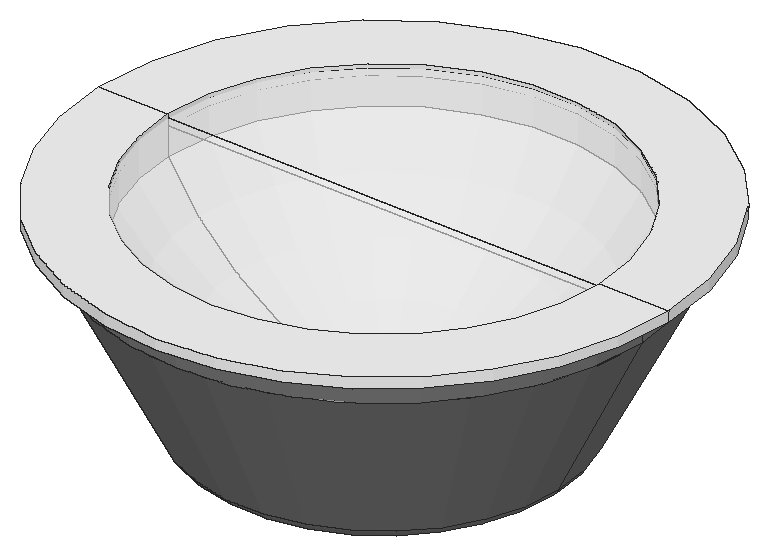
Revit family "30542", category Lighting Fixtures, host Face, Revit 2018
Family settings
  Host = Face
  Round Connector Dimension = Use Diameter
  Part Type = Normal
  OmniClass Number = 23.80.70.00
  OmniClass Title = Lighting
  Cut with Voids When Loaded = No
  Light Source = Yes
  Shared = No
  Room Calculation Point = No
Parameters (values of type "0030542 INSV SL U19 IP44 DALI 200 2350 830 SQ ")
  WidthBezel_SYL = if(Size1_SYL, 20 mm, if(Size2_SYL, 20 mm, if(Size3PIR_SYL, 30 mm, if(Size4_SYL, 20 mm, 20 mm))))  # 20 mm
  Weight = "n/a"
  Wattage Comments = ""
  Wattage = 12 W
  WarrantyStartDate [instance] = "n/a"
  WarrantyGuarantorParts = "n/a"
  WarrantyDurationUnit = "n/a"
  WarrantyDurationParts = ""
  WarrantyDescription = "http://www.sylvania-lighting.com"
  built-in parameter 1150110 = 1 (stored number, unit not read)
  Voltage = 230 V
  VisibilityPIR_SYL = Size3PIR_SYL  # no
  URL = "0.94"
  TypeName = "Insaver Slim UGR19 IP44 DLI 200 2350lm 830 Square"
  Type Image = <None>
  Type Comments = "n/a"
  built-in parameter 1114217 = 1 (stored number, unit not read)
  Tilt Angle = -90.00°
  built-in parameter 1150109 = 1 (stored number, unit not read)
  built-in parameter 1150134 = (empty or 0)
  built-in parameter 1150113 = 1 (stored number, unit not read)
  Size4_SYL = no
  Size3PIR_SYL = no
  Size2_SYL = no
  Size1_SYL = yes
  SerialNumber [instance] = "n/a"
  RadiusTop_SYL = 6 mm
  RadiusReflector_SYL = if(Size1_SYL, 85 mm, if(Size2_SYL, 85 mm, if(Size3PIR_SYL, 85 mm, if(Size4_SYL, 100 mm, 120 mm))))  # 85 mm
  Photometric Web File = "0030542.IES"
  Material_3_FEILO = Top-Sylvania-STARTDownlight
  PowerFactor = 0.9
  PowerConsumption = "Lighting"
  NominalLength = 217 mm
  NominalHeight = 50 mm
  NominalDepth = 165 mm
  Name = "Insaver Slim UGR19 IP44 DLI 200 2350lm 830 Square"
  ModelReference = Name  # "Insaver Slim UGR19 IP44 DLI 200 2350lm 830 Square"
  ModelNumber = "0030542"
  Model = Name  # "Insaver Slim UGR19 IP44 DLI 200 2350lm 830 Square"
  Material = "Feilo Sylvania"
  ManufacturerName = "118 lm/W"
  Manufacturer = ""
  LuminousEfficacy = ""
  built-in parameter 1150105 = 31.446 (stored number, unit not read)
  Lumens = 395.16 lm
  LuminaireType = "0"
  built-in parameter 1150115 = 1 (stored number, unit not read)
  LightOutputRatio = "LED"
  built-in parameter 1150137 = (empty or 0)
  built-in parameter 1150139 = (empty or 0)
  LampsType = Lamp  # "n/a"
  LampNominalLuminous = "3000 K"
  LampMacAdamStep = "80"
  LampColourTemperature = "LED"
  LampColourRenderingIndex = "16500"
  built-in parameter 1150112 = 1 (stored number, unit not read)
  built-in parameter 1150114 = 1 (stored number, unit not read)
  Lamp = "n/a"
  Keynote = "n/a"
  InstallationDate [instance] = "n/a"
  InputVoltage = "0"
  InputNominalFrequency = "3000"
  built-in parameter 1150132 = (empty or 0)
  built-in parameter 1150102 = (empty or 0)
  built-in parameter 1150107 = 3000 (stored number, unit not read)
  built-in parameter 1150138 = (empty or 0)
  IngressProtection = "IfcLightFixtureType"
  ImpactProtectionIndex = "IfcLightFixtureType"
  built-in parameter 1150106 = 0.31446 (stored number, unit not read)
  IfcExportType = "IfcLightFixtureType"
  IfcExportAs = "Class II"
  Height_SYL = if(Size1_SYL, 61 mm, if(Size2_SYL, 61 mm, if(Size3PIR_SYL, 61 mm, if(Size4_SYL, 61 mm, 60 mm))))  # 61 mm
  HeightBezel_SYL = if(Size1_SYL, 3 mm, if(Size2_SYL, 3 mm, if(Size3PIR_SYL, 3 mm, if(Size4_SYL, 3.2 mm, 3 mm))))  # 3 mm
  ExpectedLife = 50000
  Emit from Circle Diameter = Diameter_SYL - 40 mm  # 125 mm
  Emit Shape Visible in Rendering = no
  ElectricShockClassification = "118"
  built-in parameter 1150104 = 3.0593 (stored number, unit not read)
  DurationUnit = "hours"
  DocumentationLiterature = "http://www.sylvania-lighting.com/product/en-int/products/0030542"
  DimmingControlOptions = "n/a"
  Material_2_FEILO = Diffuser-Sylvania-STARTDownlight
  Dimming Lamp Color Temperature Shift = <None>
  Diameter_SYL = if(Size1_SYL, 165 mm, if(Size2_SYL, 190 mm, if(Size3PIR_SYL, 211 mm, if(Size4_SYL, 220 mm, 240 mm))))  # 165 mm
  DiameterTop_SYL = if(Size1_SYL, 98 mm, if(Size2_SYL, 122 mm, if(Size3PIR_SYL, 120 mm, if(Size4_SYL, 135 mm, 158 mm))))  # 98 mm
  DiameterTopBase_SYL = DiameterRecess_SYL  # 150 mm
  DiameterRecess_SYL = if(Size1_SYL, 150 mm, if(Size2_SYL, 170 mm, if(Size3PIR_SYL, 186 mm, if(Size4_SYL, 200 mm, 225 mm))))  # 150 mm
  Description = "Insaver Slim is a ceiling recessed LED downlight (IP44 from the front),Die-cast aluminium body, loop in loop out connector for quick installation, Dimmable DALI driver of TRIDONIC (LCA 25W 350–1050mA one4all SR PRE 28000671), 20W; 2350lm; 118lm/W; 3000K; UGR <19 with shallow product depth 65mm."
  Default Elevation = 1219.2 mm
  CreatedOn = "05/03/2024"
  CreatedBy = "@sylvania-lighting.com"
  Cost = 0
  Color Filter = 16777215
  built-in parameter 1114216 [instance] = (empty or 0)
  ClassificationValue = "EF_70_80"
  ClassificationName = "Uniclass2015"
  Material_1_FEILO = Trim-Sylvania-STARTDownlight-White
  BarCode [instance] = "n/a"
  built-in parameter 1114218 = 1 (stored number, unit not read)
  built-in parameter 1150133 = 10 (stored number, unit not read)
  AssetType = "Fixed"
  AssetIdentifier [instance] = "n/a"
  Assembly Code = "D5020200"
  Apparent Load = 20 VA
  Material_4_FEILO = LED-Sylvania-STARTDownlight
Reference planes
  plane 1 "Center (Front/Back)": y = 0
  plane 2: z = 0
  plane 3 "Center (Left/Right)": x = 0
  plane 4: x = 82.5
  plane 5: x = -82.5
  plane 6: z = 3
  plane 7: z = -8
  plane 8: z = -58
  plane 9: x = -75
  plane 10: x = 75
  plane 11: x = -49
  plane 12: x = 49
  plane 13: z = -85
  plane 14: x = -62.5
  plane 15: z = 2
  plane 16: z = -46
  plane 17: x = -16
  plane 18: x = -67.5
  plane 19: x = -81.5
  plane 20: x = -99.5
  plane 21: x = -76.5
  plane 22: z = 5.5
  plane 23: z = 8.7
  plane 24: x = -75.5
  plane 25: z = 13.7
Forms (mm)
  Revolve 1, void
    sketch origin (0, 0, 0) x (1, 0, 0) y (0, 0, 1)
      loop
        line (0, 0) -> (-75, 0) -> (-75, -85) -> (0, -85) -> (0, 0)
      axis (0, 0) -> (0, -85)
    angle from 360 to 0
  Revolve 2, solid, material "Trim-Sylvania-STARTDownlight-White" <- "Material_1_FEILO"
    sketch origin (0, 0, 0) x (1, 0, 0) y (0, 0, 1)
      loop
        line (-62.5, 3) -> (-82.5, 3) -> (-82.5, 0) -> (-75, 0) -> (-75, -8) -> (-50.681, -54.768)
        arc (-50.681, -54.768) -> (-48.471, -57.129) -> (-45.357, -58) r 6
        line (-45.357, -58) -> (0, -58) -> (0, -46) -> (-16, -46)
        arc (-16, -46) -> (-42.718, -31.243) -> (-62.5, -8) r 85
        line (-62.5, -8) -> (-62.5, 3)
      axis (0, 3) -> (0, -58)
    angle from 360 to 0
  Revolve 3, solid, material "Diffuser-Sylvania-STARTDownlight" <- "Material_2_FEILO"
    sketch origin (0, 0, 0) x (1, 0, 0) y (0, 0, 1)
      loop
        line (-62.5, 0) -> (0, 0) -> (0, 2) -> (-62.5, 2) -> (-62.5, 0)
      axis (0, 2) -> (0, 0)
    angle from 360 to 0
  Revolve 4, solid, material "Trim-Sylvania-STARTDownlight-White" <- "Material_1_FEILO", visible <- "VisibilityPIR_SYL"
    sketch origin (0, 0, 0) x (1, 0, 0) y (0, 0, 1)
      loop
        line (-67.5, 3) -> (-67.5, 13.7)
        arc (-67.5, 13.7) -> (-72.217, 12.347) -> (-75.5, 8.7) r 8.9
        line (-75.5, 8.7) -> (-75.5, 5.5) -> (-76.5, 5.5) -> (-76.5, 3) -> (-67.5, 3)
      axis (-67.5, 13.7) -> (-67.5, 3)
    angle from 360 to 0
Dimensions and locks
  equal spacing: plane 4, plane 3 "Center (Left/Right)", plane 5
  "Diameter_SYL": plane 4 to plane 5
  equal spacing: plane 10, plane 3 "Center (Left/Right)", plane 9
  equal spacing: plane 12, plane 3 "Center (Left/Right)", plane 11
  "DiameterTop_SYL": plane 12 to plane 11
  "HeightBezel_SYL": plane 6 to plane 2
  "Height_SYL": plane 6 to plane 8
  locked: plane 2 to plane 7 at 8
  locked: plane 2 to plane 13 at 85
  "WidthBezel_SYL": plane 14 to plane 5
  locked: plane 6 to plane 15 at 1
  "DiameterRecess_SYL": plane 10 to plane 9
  locked: plane 3 "Center (Left/Right)" to plane 17 at 16
  locked: plane 16 to plane 8 at 12
  locked: plane 18 to plane 21 at 9
  locked: plane 22 to plane 6 at 2.5
  locked: plane 23 to plane 22 at 3.2
  locked: plane 18 to plane 24 at 8
  locked: plane 25 to plane 23 at 5
  locked: plane 25 to Revolve 4 sketch curve at 8.9
  locked: plane 18 to plane 5 at 15
  "RadiusReflector_SYL": radius of Revolve 2 sketch curve
  "RadiusTop_SYL": radius of Revolve 2 sketch curve
  aligned and locked: plane 2 to host face
  aligned and locked: level to host face
  aligned and locked: Revolve 1 sketch curve to plane 3 "Center (Left/Right)"
  aligned and locked: plane 3 "Center (Left/Right)" to Revolve 1 sketch curve
  aligned and locked: Revolve 1 sketch curve to plane 9
  aligned and locked: plane 13 to Revolve 1 sketch curve
  aligned and locked: plane 3 "Center (Left/Right)" to imposter light
  aligned and locked: imposter light to plane 15
  aligned and locked: imposter light to plane 1 "Center (Front/Back)"
  aligned and locked: Revolve 2 sketch curve to plane 3 "Center (Left/Right)"
  aligned and locked: Revolve 2 sketch curve to plane 6
  aligned and locked: Revolve 2 sketch curve to plane 5
  aligned and locked: Revolve 2 sketch curve to level
  aligned and locked: plane 7 to Revolve 2 sketch curve  (x2)
  aligned and locked: Revolve 2 sketch curve to plane 9
  aligned and locked: plane 8 to Revolve 2 sketch curve
  aligned and locked: Revolve 2 sketch curve to plane 14
  aligned and locked: plane 3 "Center (Left/Right)" to Revolve 2 sketch curve
  aligned and locked: Revolve 2 sketch curve to plane 16
  aligned and locked: Revolve 3 sketch curve to plane 3 "Center (Left/Right)"
  aligned and locked: Revolve 3 sketch curve to level
  aligned and locked: imposter light to Revolve 3 sketch curve  (x2)
  aligned and locked: Revolve 4 sketch curve to plane 18  (x2)
  aligned and locked: Revolve 4 sketch curve to plane 6
  aligned and locked: plane 22 to Revolve 4 sketch curve
  aligned and locked: plane 24 to Revolve 4 sketch curve
  aligned and locked: Revolve 4 sketch curve to Revolve 4 sketch curve
  aligned and locked: plane 21 to Revolve 4 sketch curve
Automatic sketch dimensions
  host sketch curve to host sketch curve = 2438.4 mm  (x2)
  plane 13 to Revolve 1 sketch curve = 524.6 mm
  Revolve 1 sketch curve to plane 6 = 2606.058 mm
  Revolve 1 sketch curve to level = 0 mm
  Revolve 2 sketch curve to plane 17 = 0 mm
  Revolve 2 sketch curve to plane 11 = 1.681 mm
  plane 11 to Revolve 2 sketch curve = 3.643 mm
  plane 13 to Revolve 2 sketch curve = 524.6 mm
  Revolve 2 sketch curve to Revolve 2 sketch curve = 2577.983 mm
  Revolve 3 sketch curve to plane 14 = 0 mm
  plane 13 to Revolve 3 sketch curve = 524.6 mm
  Revolve 3 sketch curve to plane 6 = 2606.058 mm
  Revolve 4 sketch curve to plane 23 = 0 mm
  plane 13 to Revolve 4 sketch curve = 524.6 mm
  Revolve 4 sketch curve to Revolve 4 sketch curve = 2595.358 mm
Connectors
  electrical at (0, 0, 0), driven by "Apparent Load", driven by "PowerFactor", driven by "Voltage"
    settings: index 1, voltage 230 V, apparent load 20 VA, apparent load phase1 0 VA, apparent load phase2 0 VA, apparent load phase3 0 VA, power factor 0.9, load classification "Lighting", number of poles 1, system type 30, power factor state 1, is connector primary yes, connector utility no, sub classification motor no, connector description ""
